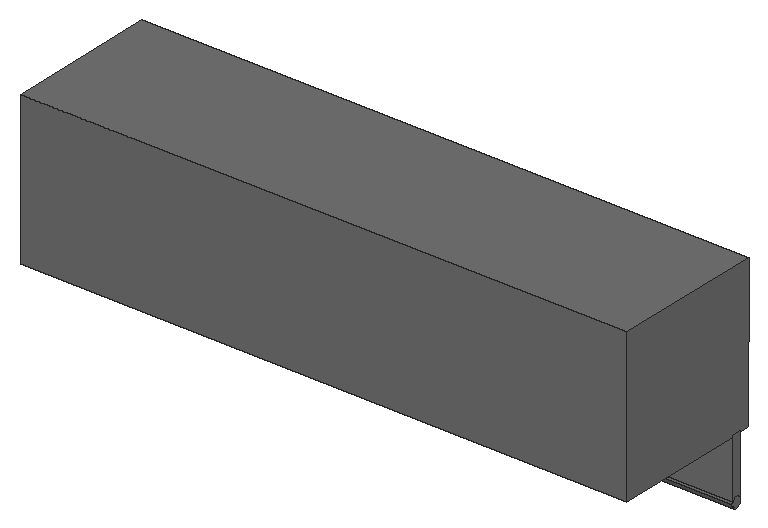
Revit family "SPQ-FSI-AEC-Fire_Shutter", category Specialty Equipment, Revit 2016
Family settings
  Part Type = Normal
  Round Connector Dimension = Use Diameter
  Work Plane-Based = No
  Always vertical = Yes
  Cut with Voids When Loaded = No
  Shared = No
  Room Calculation Point = No
Parameters (values of type "Standard")
  Width = 500 mm
  Symbol <Detail Items> = DTL-SPC-AEC-Fire_Shutter : DTL-SPC-AEC-Fire_Shutter
  Material = STAINLESS STEEL
  Length = 2000 mm
  Down Rolling Height [instance] = 200 mm
  Default Elevation [instance] = 2500 mm
  Assembly Code = ""
Reference planes
  plane 1 "Center (Front/Back)": y = 0
  plane 2: z = 0
  plane 3 "Center (Left/Right)": x = 0
  plane 4 "Box Bottom": z = 2500
  plane 5 "Rolling Bottom": z = 2300
  plane 6: x = -1000
  plane 7: x = 1000
  plane 8 "Top": z = 3000
Forms (mm)
  Extrusion 1, solid, material "STAINLESS STEEL" <- "Material"
    sketch origin (0, -40, 0) x (0, 1, 0) y (-1, 0, 0)
      loop
        line (5, -1000) -> (5, 1000) -> (-25, 1000) -> (-25, -1000) -> (5, -1000)
    from 2300 to 2505
  Extrusion 2, solid, material "STAINLESS STEEL" <- "Material"
    sketch origin (0, -400, -3810) x (0, 1, 0) y (0, 0, 1)
      loop
        line (400, 6310) -> (400, 6810) -> (-100, 6810) -> (-100, 6310) -> (330, 6310) -> (330, 6315) -> (370, 6315) -> (370, 6310) -> (400, 6310)
    from -1000 to 1000
  Extrusion 3, solid, material "STAINLESS STEEL" <- "Material"
    sketch origin (0, -25, -911.475) x (0, 1, 0) y (0, 0, 1)
      loop
        circle (-25, 3211.475) r 17
    from -1000 to 1000
Lines and regions (mm)
  model lines, style "InvisibleLines", not visible
    curve 1: line (-1000, 0, 0) -> (1000, 0, 0)
Dimensions and locks
  "Width": Extrusion 2 sketch curve to Extrusion 2 sketch curve
  locked: Extrusion 2 sketch curve to Extrusion 2 sketch curve at 40
  locked: Extrusion 2 sketch curve to Extrusion 2 sketch curve at 500
  Extrusion 2 sketch curve to Extrusion 2 sketch curve to Extrusion 2 sketch curve = 495 mm locked, 5 mm locked
  "Default Elevation": plane 4 "Box Bottom" to plane 2
  "Length": plane 6 to plane 7
  equal spacing: plane 6, plane 3 "Center (Left/Right)", plane 7
  locked: plane 5 "Rolling Bottom" to Extrusion 3 sketch curve at 17
  "Down Rolling Height": plane 4 "Box Bottom" to plane 5 "Rolling Bottom"
  equal spacing: Extrusion 1, Extrusion 3 sketch curve, Extrusion 1
  locked: Extrusion 2 sketch curve to Extrusion 2 sketch curve at 30
  aligned and locked: Extrusion 2 to plane 4 "Box Bottom"  (x2)
  aligned and locked: Extrusion 1 to Extrusion 2
  aligned and locked: plane 6 to Extrusion 2
  aligned and locked: plane 6 to Extrusion 1
  aligned and locked: plane 7 to Extrusion 2
  aligned and locked: plane 7 to Extrusion 1
  aligned and locked: Extrusion 1 to Extrusion 3
  aligned and locked: Extrusion 3 to Extrusion 1
  aligned and locked: Extrusion 1 to plane 5 "Rolling Bottom"
  aligned and locked: plane 1 "Center (Front/Back)" to curve 1
  aligned and locked: nested 1 to plane 1 "Center (Front/Back)"
  aligned and locked: nested 1 to plane 3 "Center (Left/Right)"
  aligned and locked: Extrusion 2 to plane 1 "Center (Front/Back)"
  aligned and locked: plane 8 "Top" to Extrusion 2
Automatic sketch dimensions
  plane 1 "Center (Front/Back)" to Extrusion 1 sketch curve = 65 mm
  plane 1 "Center (Front/Back)" to Extrusion 1 sketch curve = 35 mm
  plane 3 "Center (Left/Right)" to Extrusion 1 sketch curve = 1000 mm
  Extrusion 1 sketch curve to plane 3 "Center (Left/Right)" = 1000 mm
  Extrusion 3 sketch curve to Extrusion 3 sketch curve = 17 mm
  curve 1 to plane 6 = 0 mm
  curve 1 to plane 7 = 0 mm
  Extrusion 2 sketch curve to plane 4 "Box Bottom" = 0 mm
  Extrusion 2 sketch curve to plane 1 "Center (Front/Back)" = 0 mm
Nested families
  nested 1: "DTL-SPC-AEC-Fire_Shutter" at (0, -248.482, 3000), type <- "Symbol <Detail Items>", type "DTL-SPC-AEC-Fire_Shutter"
Connectors
  electrical at (1000, -150, 2626.25)
    settings: on Extrusion 2, index 1, voltage 0 V, apparent load 0 VA, apparent load phase1 0 VA, apparent load phase2 0 VA, apparent load phase3 0 VA, power factor 1, load classification "Other", number of poles 1, system type 31, power factor state 1, is connector primary yes, connector utility no, sub classification motor no, connector description "Power Input"
Definition of nested family "DTL-SPC-AEC-Fire_Shutter"
  Parameters (values of type "Standard")
    Width = 900 mm
    Height = 100 mm
  Types (2, lengths in mm): name | Width | Height
    Standard | 900 | 100
    DTL-SPC-AEC-Fire_Shutter | 2000 | 500
  Reference planes
    plane 1 "Center (Front/Back)": y = -1.518
    plane 2: z = 0
    plane 3 "Center (Left/Right)": x = 0
    plane 4: y = 48.482
    plane 5: y = -51.518
  Lines and regions (mm)
    detail lines, in view "Ref. Level"
      curve 1: line (-450, -21.518, 0) -> (450, -21.518, 0)
      curve 2: line (-450, 48.482, 0) -> (-450, -51.518, 0)
      curve 3: line (450, 48.482, 0) -> (450, -51.518, 0)
      curve 4: line (-450, 18.482, 0) -> (450, 18.482, 0)
  Dimensions and locks
    "Width": curve 2 to curve 3
    equal spacing: curve 2, plane 3 "Center (Left/Right)", curve 3
    equal spacing: plane 4, plane 1 "Center (Front/Back)", plane 5
    "Height": plane 4 to plane 5
    locked: curve 1 to curve 4 at 40
    locked: plane 4 to curve 4 at 30
    aligned and locked: plane 4 to curve 2
    aligned and locked: plane 5 to curve 2
    aligned and locked: curve 3 to plane 4
    aligned and locked: curve 3 to plane 5
